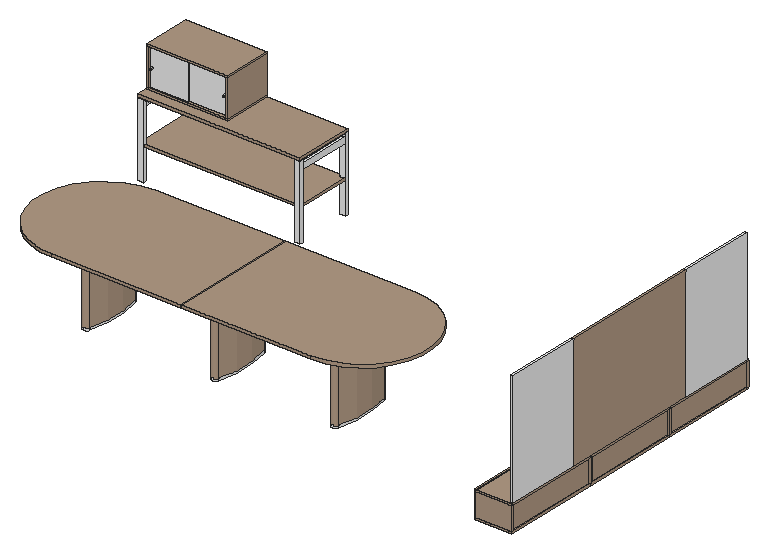
Revit family "T400007", category Furniture, Revit 2013
Parameters (values of type "T400007")
  Width = 236 9/16"
  URL = "http://www.ofsbrands.com/"
  Top Core Material = OFS BRANDS INTERMIX Top Core Wood
  Pull Material = OFS BRANDS INTERMIX Pull Metal
  Model = "T400007"
  Manufacturer = "FIRST OFFICE"
  Height = 72"
  Feet Material = OFS BRANDS INTERMIX Feet Metal
  Door Material = OFS BRANDS INTERMIX Door Plastic
  Description = "OFS BRANDS FIRST OFFICE INTERMIX TYPICAL T400007"
  Depth = 145"
  Copyright © = "© 2018 OFS BRANDS"
  Chassis Material = OFS BRANDS INTERMIX Chassis Wood
  Catalog = "http://ofsbrands.com/products/tables/conference-tables/intermix"
  Conector Clip Material = OFS BRANDS INTERMIX Conector Clip Metal
  Back Coverage Material = OFS BRANDS INTERMIX Back Coverage Plastic
  Authoring Version = "Autodesk Revit Architecture 2013"
  Assembly Code = "E2020200"
Reference planes (in)
  plane 1 "Center (Front/Back)": y = 0
  plane 2: z = 0
  plane 3 "Center (Left/Right)": x = 0
Forms (in)
  Extrusion 1, solid, material "OFS BRANDS INTERMIX Chassis Wood" <- "Chassis Material"
    sketch origin (-112.10114, 69.26236, -12.74999) x (0, 1, 0) y (-1, 0, 0)
      loop
        line (-14.75, 6.1875) -> (-14.75, -23.8125) -> (3.25, -23.8125) -> (3.25, 6.1875) -> (-14.75, 6.1875)
    from 55.49999 to 56.24999
  Extrusion 2, solid, material "OFS BRANDS INTERMIX Chassis Wood" <- "Chassis Material"
    sketch origin (-105.03864, 62.76236, -4.875) x (0, 1, 0) y (0, 0, 1)
      loop
        line (9.75, 47.625) -> (-8.25, 47.625) -> (-8.25, 34.125) -> (9.75, 34.125) -> (9.75, 47.625)
    from -13.25 to -12.50001
  Extrusion 3, solid, material "OFS BRANDS INTERMIX Chassis Wood" <- "Chassis Material"
    sketch origin (-112.60114, 85.01237, -4.875) x (-1, 0, 0) y (0, 0, 1)
      loop
        line (4.93751, 47.625) -> (-23.5625, 47.625) -> (-23.5625, 34.125) -> (4.93751, 34.125) -> (4.93751, 47.625)
    from -13.25 to -12.50001
  Extrusion 4, solid, material "OFS BRANDS INTERMIX Chassis Wood" <- "Chassis Material"
    sketch origin (130.78865, 6.17515, 29.25001) x (0, 1, 0) y (0, 0, 1)
      loop
        line (2.0625, 42.74999) -> (-49.9375, 42.74999) -> (-49.9375, 0.74999) -> (2.0625, 0.74999) -> (2.0625, 42.74999)
    from -13.25 to -12.50001
  Extrusion 5, solid, material "OFS BRANDS INTERMIX Feet Metal" <- "Feet Material"
    sketch origin (-84.72971, 84.64003, 0) x (1, 0, 0) y (0, 1, 0)
      loop
        line (-33.55894, -34.06516) -> (-31.55894, -34.06516) -> (-31.55894, -33.06516) -> (-33.55894, -33.06516) -> (-33.55894, -34.06516)
    from 0 to 27.4307
  Extrusion 6, solid, material "OFS BRANDS INTERMIX Feet Metal" <- "Feet Material"
    sketch origin (-127.32453, 48.33582, 0) x (0, -1, 0) y (0, 0, 1)
      loop
        line (-3.23905, 24.0557) -> (-3.23905, 26.0557) -> (-23.17655, 26.0557) -> (-23.17655, 24.0557) -> (-3.23905, 24.0557)
    from -10.16088 to -9.16088
  Extrusion 7, solid, material "OFS BRANDS INTERMIX Feet Metal" <- "Feet Material"
    sketch origin (-84.72971, 38.4472, 0) x (1, 0, 0) y (0, 1, 0)
      loop
        line (-33.55894, 34.06516) -> (-33.55894, 33.06516) -> (-31.55894, 33.06516) -> (-31.55894, 34.06516) -> (-33.55894, 34.06516)
    from 0 to 27.4307
  Extrusion 8, solid, material "OFS BRANDS INTERMIX Feet Metal" <- "Feet Material"
    sketch origin (-84.72971, 38.4472, 0.1943) x (1, 0, 0) y (0, 1, 0)
      loop
        line (-33.55894, 34.06516) -> (-33.55894, 12.12766) -> (-29.55894, 12.12766) -> (-29.55894, 34.06516) -> (-33.55894, 34.06516)
    from 27.2364 to 27.4307
  Extrusion 9, solid, material "OFS BRANDS INTERMIX Top Core Wood" <- "Top Core Material"
    sketch origin (87.70814, -13.49757, 0.93745) x (0, -1, 0) y (1, 0, 0)
      loop
        line (-86.01003, -205.99674) -> (-64.01003, -205.99676) -> (-64.01, -145.99676) -> (-86.01, -145.99675) -> (-86.01003, -205.99674)
    from 26.68755 to 27.68755
  Extrusion 10, solid, material "OFS BRANDS INTERMIX Top Core Wood" <- "Top Core Material"
    sketch origin (87.70814, -13.49757, -15.18755) x (0, -1, 0) y (1, 0, 0)
      loop
        line (-85.82253, -203.99675) -> (-85.01, -203.99675) -> (-85.01, -205.74675) -> (-65.07253, -205.74675) -> (-65.07253, -203.99675) -> (-64.32252, -203.99675) -> (-64.3225, -147.99675) -> (-65.07253, -147.99675) -> (-65.07253, -146.24675) -> (-85.01, -146.24674) -> (-85.01, -147.99675) -> (-85.8225, -147.99675) -> (-85.82253, -203.99675)
    from 26.93755 to 27.68755
  Extrusion 11, solid, material "OFS BRANDS INTERMIX Feet Metal" <- "Feet Material"
    sketch origin (-91.84758, 84.64003, 0) x (-1, 0, 0) y (0, -1, 0)
      loop
        line (-33.55894, 34.06516) -> (-33.55894, 33.06516) -> (-31.55894, 33.06516) -> (-31.55894, 34.06516) -> (-33.55894, 34.06516)
    from 0 to 27.4307
  Extrusion 12, solid, material "OFS BRANDS INTERMIX Feet Metal" <- "Feet Material"
    sketch origin (-49.25276, 48.33582, 0) x (0, -1, 0) y (0, 0, -1)
      loop
        line (-3.23905, -24.0557) -> (-23.17655, -24.0557) -> (-23.17655, -26.0557) -> (-3.23905, -26.0557) -> (-3.23905, -24.0557)
    from -10.16088 to -9.16088
  Extrusion 13, solid, material "OFS BRANDS INTERMIX Feet Metal" <- "Feet Material"
    sketch origin (-91.84758, 38.4472, 0) x (-1, 0, 0) y (0, -1, 0)
      loop
        line (-33.55894, -34.06516) -> (-31.55894, -34.06516) -> (-31.55894, -33.06516) -> (-33.55894, -33.06516) -> (-33.55894, -34.06516)
    from 0 to 27.4307
  Extrusion 14, solid, material "OFS BRANDS INTERMIX Feet Metal" <- "Feet Material"
    sketch origin (-91.84758, 38.4472, 0.1943) x (-1, 0, 0) y (0, -1, 0)
      loop
        line (-33.55894, -34.06516) -> (-29.55894, -34.06516) -> (-29.55894, -12.12766) -> (-33.55894, -12.12766) -> (-33.55894, -34.06516)
    from 27.2364 to 27.4307
  Extrusion 15, solid, material "OFS BRANDS INTERMIX Top Core Wood" <- "Top Core Material"
    sketch origin (87.70814, 44.82482, -57.38493) x (0, 0, -1) y (-1, 0, 0)
      loop
        line (-84.81573, 203.99675) -> (-84.8157, 147.99675) -> (-81.2537, 147.99675) -> (-81.25373, 203.99675) -> (-84.81573, 203.99675)
    from 26.93755 to 27.68755
  Extrusion 16, solid, material "OFS BRANDS INTERMIX Chassis Wood" <- "Chassis Material"
    sketch origin (-112.10114, 69.26236, -26.875) x (0, 1, 0) y (-1, 0, 0)
      loop
        line (-14.75, 6.1875) -> (-14.75, -23.8125) -> (3.25, -23.8125) -> (3.25, 6.1875) -> (-14.75, 6.1875)
    from 55.49999 to 56.125
  Extrusion 17, solid, material "OFS BRANDS INTERMIX Chassis Wood" <- "Chassis Material"
    sketch origin (-75.78864, 62.76236, -4.875) x (0, 1, 0) y (0, 0, 1)
      loop
        line (9.75, 47.625) -> (-8.25, 47.625) -> (-8.25, 34.125) -> (9.75, 34.125) -> (9.75, 47.625)
    from -13.25 to -12.50001
  Extrusion 18, solid, material "OFS BRANDS INTERMIX Door Plastic" <- "Door Material"
    sketch origin (-142.35115, 68.95687, -4.875) x (-1, 0, 0) y (0, 0, 1)
      loop
        line (-38.52663, 47.625) -> (-53.3125, 47.625) -> (-53.3125, 34.125) -> (-38.52663, 34.125) -> (-38.52663, 47.625)
    from -13.25 to -12.94451
  Extrusion 19, solid, material "OFS BRANDS INTERMIX Pull Metal" <- "Pull Material"
    sketch origin (-129.59654, 68.65137, -2.5) x (-1, 0, 0) y (0, 0, 1)
      loop
        circle (-39.54227, 38.40675) r 0.21875
    from -13.94451 to -12.94451
  Extrusion 20, solid, material "OFS BRANDS INTERMIX Back Coverage Plastic" <- "Back Coverage Material"
    sketch origin (130.78865, -45.82485, 29.25001) x (0, 1, 0) y (0, 0, 1)
      loop
        line (2.0625, 42.74999) -> (-25.93751, 42.74999) -> (-25.93751, 0.74999) -> (2.0625, 0.74999) -> (2.0625, 42.74999)
    from -13.25 to -12.50001
  Extrusion 21, solid, material "OFS BRANDS INTERMIX Back Coverage Plastic" <- "Back Coverage Material"
    sketch origin (130.78865, 10.36264, 29.25001) x (0, -1, 0) y (0, 0, -1)
      loop
        line (2.0625, -42.74999) -> (2.0625, -0.74999) -> (-25.93751, -0.74999) -> (-25.93751, -42.74999) -> (2.0625, -42.74999)
    from -13.25 to -12.50001
  Extrusion 22, solid, material "OFS BRANDS INTERMIX Chassis Wood" <- "Chassis Material"
    sketch origin (118.03864, -42.76236, -26.25) x (1, 0, 0) y (0, 1, 0)
      loop
        line (-12.75, 6.75) -> (-12.75, -29.75) -> (0.25, -29.75) -> (0.25, 6.75) -> (-12.75, 6.75)
    from 55.49999 to 56.24999
  Extrusion 23, solid, material "OFS BRANDS INTERMIX Chassis Wood" <- "Chassis Material"
    sketch origin (118.03864, -42.76236, -35.5) x (1, 0, 0) y (0, 1, 0)
      loop
        line (-12.75, 6.75) -> (-12.75, -29.75) -> (0.25, -29.75) -> (0.25, 6.75) -> (-12.75, 6.75)
    from 55.49999 to 56.24999
  Extrusion 24, solid, material "OFS BRANDS INTERMIX Chassis Wood" <- "Chassis Material"
    sketch origin (111.53864, -85.01237, -13.5) x (1, 0, 0) y (0, 0, 1)
      loop
        line (6.75, 42.74999) -> (-6.25, 42.74999) -> (-6.25, 34.25) -> (6.75, 34.25) -> (6.75, 42.74999)
    from -13.25 to -12.50001
  Extrusion 25, solid, material "OFS BRANDS INTERMIX Chassis Wood" <- "Chassis Material"
    sketch origin (130.29838, -17.99551, -13.5) x (0, 1, 0) y (0, 0, 1)
      loop
        line (-18.76685, 42.74999) -> (-53.76685, 42.74999) -> (-53.76685, 34.25) -> (-18.76685, 34.25) -> (-18.76685, 42.74999)
    from -13.25974 to -12.50974
  Extrusion 26, solid, material "OFS BRANDS INTERMIX Chassis Wood" <- "Chassis Material"
    sketch origin (111.53864, -49.26237, -13.5) x (1, 0, 0) y (0, 0, 1)
      loop
        line (6.75, 42.74999) -> (-6.25, 42.74999) -> (-6.25, 34.25) -> (6.75, 34.25) -> (6.75, 42.74999)
    from -13.25 to -12.50001
  Extrusion 27, solid, material "OFS BRANDS INTERMIX Chassis Wood" <- "Chassis Material"
    sketch origin (111.53864, -67.13737, -13.5) x (1, 0, 0) y (0, 0, 1)
      loop
        line (5.5, 42.74999) -> (-5.49723, 42.74999) -> (-5.49723, 34.25) -> (5.5, 34.25) -> (5.5, 42.74999)
    from -13.25 to -12.50001
  Extrusion 28, solid, material "OFS BRANDS INTERMIX Chassis Wood" <- "Chassis Material"
    sketch origin (118.03864, -6.26236, -26.25) x (1, 0, 0) y (0, 1, 0)
      loop
        line (-12.75, 6.75) -> (-12.75, -29.75) -> (0.25, -29.75) -> (0.25, 6.75) -> (-12.75, 6.75)
    from 55.49999 to 56.24999
  Extrusion 29, solid, material "OFS BRANDS INTERMIX Chassis Wood" <- "Chassis Material"
    sketch origin (118.03864, -6.26236, -35.5) x (1, 0, 0) y (0, 1, 0)
      loop
        line (-12.75, 6.75) -> (-12.75, -29.75) -> (0.25, -29.75) -> (0.25, 6.75) -> (-12.75, 6.75)
    from 55.49999 to 56.24999
  Extrusion 30, solid, material "OFS BRANDS INTERMIX Chassis Wood" <- "Chassis Material"
    sketch origin (111.53864, -48.51237, -13.5) x (1, 0, 0) y (0, 0, 1)
      loop
        line (6.75, 42.74999) -> (-6.25, 42.74999) -> (-6.25, 34.25) -> (6.75, 34.25) -> (6.75, 42.74999)
    from -13.25 to -12.50001
  Extrusion 31, solid, material "OFS BRANDS INTERMIX Chassis Wood" <- "Chassis Material"
    sketch origin (130.29838, 18.50449, -13.5) x (0, 1, 0) y (0, 0, 1)
      loop
        line (-18.76685, 42.74999) -> (-53.76685, 42.74999) -> (-53.76685, 34.25) -> (-18.76685, 34.25) -> (-18.76685, 42.74999)
    from -13.25974 to -12.50974
  Extrusion 32, solid, material "OFS BRANDS INTERMIX Chassis Wood" <- "Chassis Material"
    sketch origin (111.53864, -12.76237, -13.5) x (1, 0, 0) y (0, 0, 1)
      loop
        line (6.75, 42.74999) -> (-6.25, 42.74999) -> (-6.25, 34.25) -> (6.75, 34.25) -> (6.75, 42.74999)
    from -13.25 to -12.50001
  Extrusion 33, solid, material "OFS BRANDS INTERMIX Chassis Wood" <- "Chassis Material"
    sketch origin (111.53864, -30.63737, -13.5) x (1, 0, 0) y (0, 0, 1)
      loop
        line (5.5, 42.74999) -> (-6.25, 42.74999) -> (-6.25, 34.25) -> (5.5, 34.25) -> (5.5, 42.74999)
    from -13.25 to -12.50001
  Extrusion 34, solid, material "OFS BRANDS INTERMIX Chassis Wood" <- "Chassis Material"
    sketch origin (118.03864, 30.23764, -26.25) x (1, 0, 0) y (0, 1, 0)
      loop
        line (-12.75, 6.75) -> (-12.75, -29.75) -> (0.25, -29.75) -> (0.25, 6.75) -> (-12.75, 6.75)
    from 55.49999 to 56.24999
  Extrusion 35, solid, material "OFS BRANDS INTERMIX Chassis Wood" <- "Chassis Material"
    sketch origin (118.03864, 30.23764, -35.5) x (1, 0, 0) y (0, 1, 0)
      loop
        line (-12.75, 6.75) -> (-12.75, -29.75) -> (0.25, -29.75) -> (0.25, 6.75) -> (-12.75, 6.75)
    from 55.49999 to 56.24999
  Extrusion 36, solid, material "OFS BRANDS INTERMIX Chassis Wood" <- "Chassis Material"
    sketch origin (111.53864, -12.01237, -13.5) x (1, 0, 0) y (0, 0, 1)
      loop
        line (6.75, 42.74999) -> (-6.25, 42.74999) -> (-6.25, 34.25) -> (6.75, 34.25) -> (6.75, 42.74999)
    from -13.25 to -12.50001
  Extrusion 37, solid, material "OFS BRANDS INTERMIX Chassis Wood" <- "Chassis Material"
    sketch origin (130.29838, 55.00449, -13.5) x (0, 1, 0) y (0, 0, 1)
      loop
        line (-18.76685, 42.74999) -> (-53.76685, 42.74999) -> (-53.76685, 34.25) -> (-18.76685, 34.25) -> (-18.76685, 42.74999)
    from -13.25974 to -12.50974
  Extrusion 38, solid, material "OFS BRANDS INTERMIX Chassis Wood" <- "Chassis Material"
    sketch origin (111.53864, 23.73763, -13.5) x (1, 0, 0) y (0, 0, 1)
      loop
        line (6.75, 42.74999) -> (-6.25, 42.74999) -> (-6.25, 34.25) -> (6.75, 34.25) -> (6.75, 42.74999)
    from -13.25 to -12.50001
  Extrusion 39, solid, material "OFS BRANDS INTERMIX Chassis Wood" <- "Chassis Material"
    sketch origin (117.79838, 55.00449, -13.5) x (0, 1, 0) y (0, 0, 1)
      loop
        line (-18.07935, 43.4375) -> (-36.20085, 43.4375) -> (-36.20085, 33.5625) -> (-18.07935, 33.5625) -> (-18.07935, 43.4375)
    from -13.25974 to -12.50974
  Extrusion 40, solid, material "OFS BRANDS INTERMIX Chassis Wood" <- "Chassis Material"
    sketch origin (111.53864, 5.86263, -13.5) x (1, 0, 0) y (0, 0, 1)
      loop
        line (5.5, 42.74999) -> (-5.49723, 42.74999) -> (-5.49723, 34.25) -> (5.5, 34.25) -> (5.5, 42.74999)
    from -13.25 to -12.50001
  Extrusion 41, solid, material "OFS BRANDS INTERMIX Door Plastic" <- "Door Material"
    sketch origin (-64.22614, 68.20687, -4.875) x (1, 0, 0) y (0, 0, -1)
      loop
        line (-38.92188, -47.625) -> (-38.92188, -34.125) -> (-53.3125, -34.125) -> (-53.3125, -47.625) -> (-38.92188, -47.625)
    from -13.25 to -12.94451
  Extrusion 42, solid, material "OFS BRANDS INTERMIX Pull Metal" <- "Pull Material"
    sketch origin (-76.98075, 67.90137, -2.5) x (1, 0, 0) y (0, 0, -1)
      loop
        circle (-39.54227, -38.40675) r 0.21875
    from -13.94451 to -12.94451
  Extrusion 43, solid, material "OFS BRANDS INTERMIX Pull Metal" <- "Pull Material"
    sketch origin (75.11194, -8.91612, -0.787) x (0, -1, 0) y (1, 0, 0)
      loop
        line (-39.43501, 29.4267) -> (-39.68501, 29.4267) -> (-39.68501, 28.17671) -> (-34.37251, 28.17671) -> (-34.37251, 29.4267) -> (-34.62251, 29.4267) -> (-34.62251, 28.42671) -> (-39.43501, 28.42671) -> (-39.43501, 29.4267)
    from 28.9745 to 29.4745
  Extrusion 44, solid, material "OFS BRANDS INTERMIX Chassis Wood" <- "Chassis Material"
    sketch origin (117.79838, 36.75099, -13.5) x (0, 1, 0) y (0, 0, 1)
      loop
        line (-18.07935, 43.4375) -> (-36.20085, 43.4375) -> (-36.20085, 33.5625) -> (-18.07935, 33.5625) -> (-18.07935, 43.4375)
    from -13.25974 to -12.50974
  Extrusion 45, solid, material "OFS BRANDS INTERMIX Pull Metal" <- "Pull Material"
    sketch origin (75.11194, -27.16962, -0.787) x (0, -1, 0) y (1, 0, 0)
      loop
        line (-39.43501, 29.4267) -> (-39.68501, 29.4267) -> (-39.68501, 28.17671) -> (-34.37251, 28.17671) -> (-34.37251, 29.4267) -> (-34.62251, 29.4267) -> (-34.62251, 28.42671) -> (-39.43501, 28.42671) -> (-39.43501, 29.4267)
    from 28.9745 to 29.4745
  Extrusion 46, solid, material "OFS BRANDS INTERMIX Chassis Wood" <- "Chassis Material"
    sketch origin (117.79838, -17.99551, -13.5) x (0, 1, 0) y (0, 0, 1)
      loop
        line (-18.07935, 43.4375) -> (-36.20085, 43.4375) -> (-36.20085, 33.5625) -> (-18.07935, 33.5625) -> (-18.07935, 43.4375)
    from -13.25974 to -12.50974
  Extrusion 47, solid, material "OFS BRANDS INTERMIX Pull Metal" <- "Pull Material"
    sketch origin (75.11194, -81.91612, -0.787) x (0, -1, 0) y (1, 0, 0)
      loop
        line (-39.43501, 29.4267) -> (-39.68501, 29.4267) -> (-39.68501, 28.17671) -> (-34.37251, 28.17671) -> (-34.37251, 29.4267) -> (-34.62251, 29.4267) -> (-34.62251, 28.42671) -> (-39.43501, 28.42671) -> (-39.43501, 29.4267)
    from 28.9745 to 29.4745
  Extrusion 48, solid, material "OFS BRANDS INTERMIX Chassis Wood" <- "Chassis Material"
    sketch origin (117.79838, -36.24901, -13.5) x (0, 1, 0) y (0, 0, 1)
      loop
        line (-18.07935, 43.4375) -> (-36.20085, 43.4375) -> (-36.20085, 33.5625) -> (-18.07935, 33.5625) -> (-18.07935, 43.4375)
    from -13.25974 to -12.50974
  Extrusion 49, solid, material "OFS BRANDS INTERMIX Pull Metal" <- "Pull Material"
    sketch origin (75.11194, -100.16962, -0.787) x (0, -1, 0) y (1, 0, 0)
      loop
        line (-39.43501, 29.4267) -> (-39.68501, 29.4267) -> (-39.68501, 28.17671) -> (-34.37251, 28.17671) -> (-34.37251, 29.4267) -> (-34.62251, 29.4267) -> (-34.62251, 28.42671) -> (-39.43501, 28.42671) -> (-39.43501, 29.4267)
    from 28.9745 to 29.4745
  Extrusion 50, solid, material "OFS BRANDS INTERMIX Feet Metal" <- "Feet Material"
    sketch origin (-43.38262, 24.93786, 0) x (1, 0, 0) y (0, 1, 0)
      loop
        line (-38.04776, -28.47343) -> (-38.04776, -54.47343) -> (-26.04776, -54.47343) -> (-26.04776, -28.47343) -> (-38.04776, -28.47343)
    from 28.0625 to 28.81287
  Extrusion 51, solid, material "OFS BRANDS INTERMIX Feet Metal" <- "Feet Material"
    sketch origin (-43.38262, 24.93786, -28.0625) x (1, 0, 0) y (0, 1, 0)
      loop
        arc (-33.55679, -51.8448) -> (-32.05985, -52.96886) -> (-30.56291, -51.8448) r 1.55878
        arc (-30.56291, -51.8448) -> (-29.06913, -41.3448) -> (-30.56291, -30.8448) r 37.64976
        arc (-30.56291, -30.8448) -> (-32.05985, -29.72074) -> (-33.55679, -30.8448) r 1.55878
        arc (-33.55679, -30.8448) -> (-35.05057, -41.3448) -> (-33.55679, -51.8448) r 37.64976
    from 28.0625 to 28.81287
  Extrusion 52, solid, material "OFS BRANDS INTERMIX Chassis Wood" <- "Chassis Material"
    sketch origin (-43.38262, 24.93786, -27.31213) x (1, 0, 0) y (0, 1, 0)
      loop
        arc (-33.55679, -51.8448) -> (-32.05985, -52.96886) -> (-30.56291, -51.8448) r 1.55878
        arc (-30.56291, -51.8448) -> (-29.06913, -41.3448) -> (-30.56291, -30.8448) r 37.64976
        arc (-30.56291, -30.8448) -> (-32.05985, -29.72074) -> (-33.55679, -30.8448) r 1.55878
        arc (-33.55679, -30.8448) -> (-35.05057, -41.3448) -> (-33.55679, -51.8448) r 37.64976
    from 28.0625 to 55.37464
  Extrusion 53, solid, material "OFS BRANDS INTERMIX Top Core Wood" <- "Top Core Material"
    sketch origin (104.56641, -92.5455, 0.93745) x (0, -1, 0) y (1, 0, 0)
      loop
        arc (-100.01002, -181.99673) -> (-76.01003, -205.99675) -> (-52.01002, -181.99676) r 24
        line (-52.01002, -181.99676) -> (-52.00999, -133.99676) -> (-100.01, -133.99674) -> (-100.01002, -181.99673)
    from 27.87542 to 29.00005
  Extrusion 54, solid, material "OFS BRANDS INTERMIX Top Core Wood" <- "Top Core Material"
    sketch origin (-163.42716, -92.5455, 0.93745) x (0, -1, 0) y (1, 0, 0)
      loop
        line (-100.01002, 181.99673) -> (-100.01, 133.99674) -> (-52.00999, 133.99676) -> (-52.01002, 181.99676)
        arc (-52.01002, 181.99676) -> (-76.01003, 205.99675) -> (-100.01002, 181.99673) r 24
    from 27.87542 to 29.00005
  Extrusion 55, solid, material "OFS BRANDS INTERMIX Feet Metal" <- "Feet Material"
    sketch origin (4.24239, 24.93786, 0) x (1, 0, 0) y (0, 1, 0)
      loop
        line (-38.04776, -28.47343) -> (-38.04776, -54.47343) -> (-26.04776, -54.47343) -> (-26.04776, -28.47343) -> (-38.04776, -28.47343)
    from 28.0625 to 28.81287
  Extrusion 56, solid, material "OFS BRANDS INTERMIX Feet Metal" <- "Feet Material"
    sketch origin (4.24239, 24.93786, -28.0625) x (1, 0, 0) y (0, 1, 0)
      loop
        arc (-33.55679, -51.8448) -> (-32.05985, -52.96886) -> (-30.56291, -51.8448) r 1.55878
        arc (-30.56291, -51.8448) -> (-29.06913, -41.3448) -> (-30.56291, -30.8448) r 37.64976
        arc (-30.56291, -30.8448) -> (-32.05985, -29.72074) -> (-33.55679, -30.8448) r 1.55878
        arc (-33.55679, -30.8448) -> (-35.05057, -41.3448) -> (-33.55679, -51.8448) r 37.64976
    from 28.0625 to 28.81287
  Extrusion 57, solid, material "OFS BRANDS INTERMIX Chassis Wood" <- "Chassis Material"
    sketch origin (4.24239, 24.93786, -27.31213) x (1, 0, 0) y (0, 1, 0)
      loop
        arc (-33.55679, -51.8448) -> (-32.05985, -52.96886) -> (-30.56291, -51.8448) r 1.55878
        arc (-30.56291, -51.8448) -> (-29.06913, -41.3448) -> (-30.56291, -30.8448) r 37.64976
        arc (-30.56291, -30.8448) -> (-32.05985, -29.72074) -> (-33.55679, -30.8448) r 1.55878
        arc (-33.55679, -30.8448) -> (-35.05057, -41.3448) -> (-33.55679, -51.8448) r 37.64976
    from 28.0625 to 55.37464
  Extrusion 58, solid, material "OFS BRANDS INTERMIX Feet Metal" <- "Feet Material"
    sketch origin (-15.47814, 24.93786, 0) x (-1, 0, 0) y (0, -1, 0)
      loop
        line (-38.04776, 28.47343) -> (-26.04776, 28.47343) -> (-26.04776, 54.47343) -> (-38.04776, 54.47343) -> (-38.04776, 28.47343)
    from 28.0625 to 28.81287
  Extrusion 59, solid, material "OFS BRANDS INTERMIX Feet Metal" <- "Feet Material"
    sketch origin (-15.47814, 24.93786, -28.0625) x (-1, 0, 0) y (0, -1, 0)
      loop
        arc (-33.55679, 51.8448) -> (-35.05057, 41.3448) -> (-33.55679, 30.8448) r 37.64976
        arc (-33.55679, 30.8448) -> (-32.05985, 29.72074) -> (-30.56291, 30.8448) r 1.55878
        arc (-30.56291, 30.8448) -> (-29.06913, 41.3448) -> (-30.56291, 51.8448) r 37.64976
        arc (-30.56291, 51.8448) -> (-32.05985, 52.96886) -> (-33.55679, 51.8448) r 1.55878
    from 28.0625 to 28.81287
  Extrusion 60, solid, material "OFS BRANDS INTERMIX Chassis Wood" <- "Chassis Material"
    sketch origin (-15.47814, 24.93786, -27.31213) x (-1, 0, 0) y (0, -1, 0)
      loop
        arc (-33.55679, 51.8448) -> (-35.05057, 41.3448) -> (-33.55679, 30.8448) r 37.64976
        arc (-33.55679, 30.8448) -> (-32.05985, 29.72074) -> (-30.56291, 30.8448) r 1.55878
        arc (-30.56291, 30.8448) -> (-29.06913, 41.3448) -> (-30.56291, 51.8448) r 37.64976
        arc (-30.56291, 51.8448) -> (-32.05985, 52.96886) -> (-33.55679, 51.8448) r 1.55878
    from 28.0625 to 55.37464
Dimensions and locks (in)
  aligned and locked: level to plane 2
